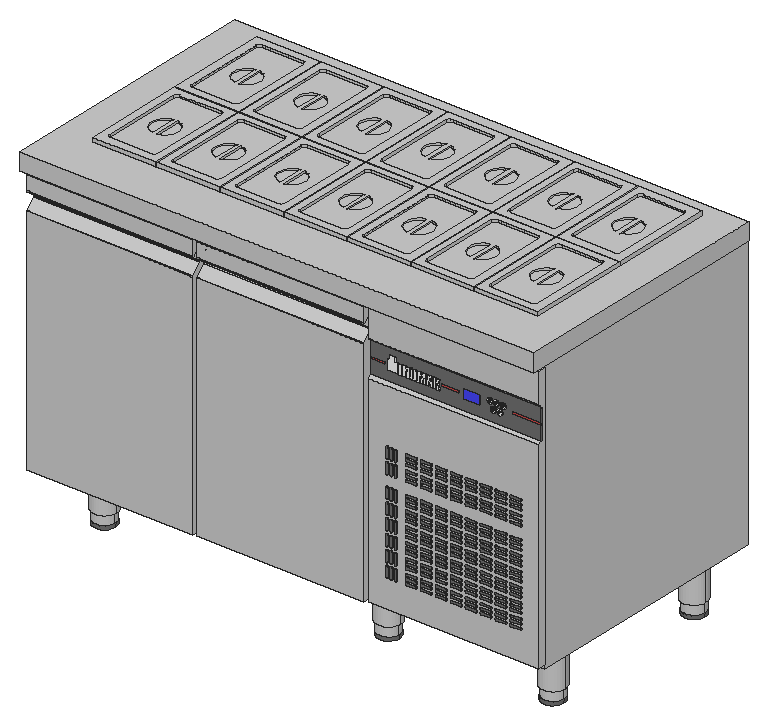
Revit family "QF_INOMAK_ZNFP99_250529112237", category Specialty Equipment, Revit 2021 (continued)
Definition of nested family "QF_INOMAK_REF_WORKTOPS_WOVF_1360_7072"
  Forms (mm)
    Extrusion 22, solid
      sketch origin (-9, 1874.578, 46) x (0, 1, 0) y (-1, 0, 0)
        loop
          arc (-2084.219, -519) -> (-2049.578, -549) -> (-2014.937, -519) r 35
      from 2 to 5
    Extrusion 23, solid
      sketch origin (-9, 1874.578, 46) x (0, 1, 0) y (-1, 0, 0)
        loop
          line (-1914.578, -431) -> (-2182.578, -431) -> (-2182.578, -597) -> (-1914.578, -597) -> (-1914.578, -431)
        loop
          arc (-1934.578, -461) -> (-1937.507, -453.929) -> (-1944.578, -451) r 10
          line (-1944.578, -451) -> (-2152.578, -451)
          arc (-2152.578, -451) -> (-2159.649, -453.929) -> (-2162.578, -461) r 10
          line (-2162.578, -461) -> (-2162.578, -567)
          arc (-2162.578, -567) -> (-2159.649, -574.071) -> (-2152.578, -577) r 10
          line (-2152.578, -577) -> (-1944.578, -577)
          arc (-1944.578, -577) -> (-1937.507, -574.071) -> (-1934.578, -567) r 10
          line (-1934.578, -567) -> (-1934.578, -461)
      from 0 to 10
    Extrusion 24, solid
      sketch origin (0, 1874.578, 46) x (0, 1, 0) y (-1, 0, 0)
        loop
          arc (-2152.578, -608) -> (-2159.649, -610.929) -> (-2162.578, -618) r 10
          line (-2162.578, -618) -> (-2162.578, -724)
          arc (-2162.578, -724) -> (-2159.649, -731.071) -> (-2152.578, -734) r 10
          line (-2152.578, -734) -> (-1944.578, -734)
          arc (-1944.578, -734) -> (-1937.507, -731.071) -> (-1934.578, -724) r 10
          line (-1934.578, -724) -> (-1934.578, -618)
          arc (-1934.578, -618) -> (-1937.507, -610.929) -> (-1944.578, -608) r 10
          line (-1944.578, -608) -> (-2152.578, -608)
        loop
          arc (-2014.937, -666) -> (-2049.578, -636) -> (-2084.219, -666) r 35
          line (-2084.219, -666) -> (-2014.937, -666)
        loop
          line (-2014.937, -676) -> (-2084.219, -676)
          arc (-2084.219, -676) -> (-2049.578, -706) -> (-2014.937, -676) r 35
      from 2 to 5
    Extrusion 25, solid
      sketch origin (0, 1874.578, 46) x (0, 1, 0) y (-1, 0, 0)
        loop
          line (-1914.578, -588) -> (-2182.578, -588) -> (-2182.578, -754) -> (-1914.578, -754) -> (-1914.578, -588)
        loop
          arc (-1934.578, -618) -> (-1937.507, -610.929) -> (-1944.578, -608) r 10
          line (-1944.578, -608) -> (-2152.578, -608)
          arc (-2152.578, -608) -> (-2159.649, -610.929) -> (-2162.578, -618) r 10
          line (-2162.578, -618) -> (-2162.578, -724)
          arc (-2162.578, -724) -> (-2159.649, -731.071) -> (-2152.578, -734) r 10
          line (-2152.578, -734) -> (-1944.578, -734)
          arc (-1944.578, -734) -> (-1937.507, -731.071) -> (-1934.578, -724) r 10
          line (-1934.578, -724) -> (-1934.578, -618)
      from 0 to 10
    Extrusion 26, solid
      sketch origin (-9, 1874.578, 46) x (0, 1, 0) y (-1, 0, 0)
        loop
          arc (-2420.578, -451) -> (-2427.649, -453.929) -> (-2430.578, -461) r 10
          line (-2430.578, -461) -> (-2430.578, -567)
          arc (-2430.578, -567) -> (-2427.649, -574.071) -> (-2420.578, -577) r 10
          line (-2420.578, -577) -> (-2212.578, -577)
          arc (-2212.578, -577) -> (-2205.507, -574.071) -> (-2202.578, -567) r 10
          line (-2202.578, -567) -> (-2202.578, -461)
          arc (-2202.578, -461) -> (-2205.507, -453.929) -> (-2212.578, -451) r 10
          line (-2212.578, -451) -> (-2420.578, -451)
        loop
          arc (-2282.937, -509) -> (-2317.578, -479) -> (-2352.219, -509) r 35
          line (-2352.219, -509) -> (-2282.937, -509)
        loop
          line (-2282.937, -519) -> (-2352.219, -519)
          arc (-2352.219, -519) -> (-2317.578, -549) -> (-2282.937, -519) r 35
      from 2 to 5
    Extrusion 27, solid
      sketch origin (-9, 1874.578, 46) x (0, 1, 0) y (-1, 0, 0)
        loop
          line (-2182.578, -431) -> (-2450.578, -431) -> (-2450.578, -597) -> (-2182.578, -597) -> (-2182.578, -431)
        loop
          arc (-2202.578, -461) -> (-2205.507, -453.929) -> (-2212.578, -451) r 10
          line (-2212.578, -451) -> (-2420.578, -451)
          arc (-2420.578, -451) -> (-2427.649, -453.929) -> (-2430.578, -461) r 10
          line (-2430.578, -461) -> (-2430.578, -567)
          arc (-2430.578, -567) -> (-2427.649, -574.071) -> (-2420.578, -577) r 10
          line (-2420.578, -577) -> (-2212.578, -577)
          arc (-2212.578, -577) -> (-2205.507, -574.071) -> (-2202.578, -567) r 10
          line (-2202.578, -567) -> (-2202.578, -461)
      from 0 to 10
    Extrusion 28, solid
      sketch origin (0, 1874.578, 46) x (0, 1, 0) y (-1, 0, 0)
        loop
          arc (-2420.578, -608) -> (-2427.649, -610.929) -> (-2430.578, -618) r 10
          line (-2430.578, -618) -> (-2430.578, -724)
          arc (-2430.578, -724) -> (-2427.649, -731.071) -> (-2420.578, -734) r 10
          line (-2420.578, -734) -> (-2212.578, -734)
          arc (-2212.578, -734) -> (-2205.507, -731.071) -> (-2202.578, -724) r 10
          line (-2202.578, -724) -> (-2202.578, -618)
          arc (-2202.578, -618) -> (-2205.507, -610.929) -> (-2212.578, -608) r 10
          line (-2212.578, -608) -> (-2420.578, -608)
        loop
          arc (-2282.937, -666) -> (-2317.578, -636) -> (-2352.219, -666) r 35
          line (-2352.219, -666) -> (-2282.937, -666)
        loop
          line (-2282.937, -676) -> (-2352.219, -676)
          arc (-2352.219, -676) -> (-2317.578, -706) -> (-2282.937, -676) r 35
      from 2 to 5
    Extrusion 29, solid
      sketch origin (0, 1874.578, 46) x (0, 1, 0) y (-1, 0, 0)
        loop
          line (-2182.578, -588) -> (-2450.578, -588) -> (-2450.578, -754) -> (-2182.578, -754) -> (-2182.578, -588)
        loop
          arc (-2202.578, -618) -> (-2205.507, -610.929) -> (-2212.578, -608) r 10
          line (-2212.578, -608) -> (-2420.578, -608)
          arc (-2420.578, -608) -> (-2427.649, -610.929) -> (-2430.578, -618) r 10
          line (-2430.578, -618) -> (-2430.578, -724)
          arc (-2430.578, -724) -> (-2427.649, -731.071) -> (-2420.578, -734) r 10
          line (-2420.578, -734) -> (-2212.578, -734)
          arc (-2212.578, -734) -> (-2205.507, -731.071) -> (-2202.578, -724) r 10
          line (-2202.578, -724) -> (-2202.578, -618)
      from 0 to 10
  Lines and regions (mm)
    Masking region 1
      outline origin (0, 0, 46) x (0, 1, 0) y (-1, 0, 0)
        loop
          line (0, 0) -> (-800, 0) -> (-800, -1342) -> (0, -1342) -> (0, 0)
    symbolic lines
      curve 1: line (0, 0, 46) -> (1342, 0, 46)
      curve 2: line (0, -800, 46) -> (0, 0, 46)
      curve 3: line (1342, -800, 46) -> (0, -800, 46)
      curve 4: line (1342, 0, 46) -> (1342, -800, 46)
      curve 5: line (90, -40, 46) -> (1252, -40, 46)
      curve 6: line (90, -576, 46) -> (90, -40, 46)
      curve 7: line (1252, -576, 46) -> (90, -576, 46)
      curve 8: line (1252, -40, 46) -> (1252, -576, 46)
      curve 9: line (256, -576, 46) -> (256, -40, 46)
      curve 10: line (422, -40, 46) -> (422, -576, 46)
      curve 11: line (588, -576, 46) -> (588, -40, 46)
      curve 12: line (754, -40, 46) -> (754, -576, 46)
      curve 13: line (920, -576, 46) -> (920, -40, 46)
      curve 14: line (90, -308, 46) -> (1252, -308, 46)
      curve 15: line (1086, -40, 46) -> (1086, -576, 46)
      curve 16: line (120, -60, 46) -> (226, -60, 46)
      curve 17: arc (226, -60, 46) -> (233.071, -62.929, 46) -> (236, -70, 46) r 10
      curve 18: line (236, -70, 46) -> (236, -278, 46)
      curve 19: arc (236, -278, 46) -> (233.071, -285.071, 46) -> (226, -288, 46) r 10
      curve 20: line (226, -288, 46) -> (120, -288, 46)
      curve 21: arc (120, -288, 46) -> (112.929, -285.071, 46) -> (110, -278, 46) r 10
      curve 22: line (110, -278, 46) -> (110, -70, 46)
      curve 23: arc (110, -70, 46) -> (112.929, -62.929, 46) -> (120, -60, 46) r 10
      curve 24: arc (168, -209.641, 46) -> (138, -175, 46) -> (168, -140.359, 46) r 35
      curve 25: line (168, -140.359, 46) -> (168, -209.641, 46)
      curve 26: line (178, -209.641, 46) -> (178, -140.359, 46)
      curve 27: arc (178, -140.359, 46) -> (208, -175, 46) -> (178, -209.641, 46) r 35
      curve 28: line (286, -60, 46) -> (392, -60, 46)
      curve 29: arc (392, -60, 46) -> (399.071, -62.929, 46) -> (402, -70, 46) r 10
      curve 30: line (402, -70, 46) -> (402, -278, 46)
      curve 31: arc (402, -278, 46) -> (399.071, -285.071, 46) -> (392, -288, 46) r 10
      curve 32: line (392, -288, 46) -> (286, -288, 46)
      curve 33: arc (286, -288, 46) -> (278.929, -285.071, 46) -> (276, -278, 46) r 10
      curve 34: line (276, -278, 46) -> (276, -70, 46)
      curve 35: arc (276, -70, 46) -> (278.929, -62.929, 46) -> (286, -60, 46) r 10
      curve 36: arc (334, -209.641, 46) -> (304, -175, 46) -> (334, -140.359, 46) r 35
      curve 37: line (334, -140.359, 46) -> (334, -209.641, 46)
      curve 38: line (344, -209.641, 46) -> (344, -140.359, 46)
      curve 39: arc (344, -140.359, 46) -> (374, -175, 46) -> (344, -209.641, 46) r 35
      curve 40: line (452, -60, 46) -> (558, -60, 46)
      curve 41: arc (558, -60, 46) -> (565.071, -62.929, 46) -> (568, -70, 46) r 10
      curve 42: line (568, -70, 46) -> (568, -278, 46)
      curve 43: arc (568, -278, 46) -> (565.071, -285.071, 46) -> (558, -288, 46) r 10
      curve 44: line (558, -288, 46) -> (452, -288, 46)
      curve 45: arc (452, -288, 46) -> (444.929, -285.071, 46) -> (442, -278, 46) r 10
      curve 46: line (442, -278, 46) -> (442, -70, 46)
      curve 47: arc (442, -70, 46) -> (444.929, -62.929, 46) -> (452, -60, 46) r 10
      curve 48: arc (500, -209.641, 46) -> (470, -175, 46) -> (500, -140.359, 46) r 35
      curve 49: line (500, -140.359, 46) -> (500, -209.641, 46)
      curve 50: line (510, -209.641, 46) -> (510, -140.359, 46)
      curve 51: arc (510, -140.359, 46) -> (540, -175, 46) -> (510, -209.641, 46) r 35
      curve 52: line (618, -60, 46) -> (724, -60, 46)
      curve 53: arc (724, -60, 46) -> (731.071, -62.929, 46) -> (734, -70, 46) r 10
      curve 54: line (734, -70, 46) -> (734, -278, 46)
      curve 55: arc (734, -278, 46) -> (731.071, -285.071, 46) -> (724, -288, 46) r 10
      curve 56: line (724, -288, 46) -> (618, -288, 46)
      curve 57: arc (618, -288, 46) -> (610.929, -285.071, 46) -> (608, -278, 46) r 10
      curve 58: line (608, -278, 46) -> (608, -70, 46)
      curve 59: arc (608, -70, 46) -> (610.929, -62.929, 46) -> (618, -60, 46) r 10
      curve 60: arc (666, -209.641, 46) -> (636, -175, 46) -> (666, -140.359, 46) r 35
      curve 61: line (666, -140.359, 46) -> (666, -209.641, 46)
      curve 62: line (676, -209.641, 46) -> (676, -140.359, 46)
      curve 63: arc (676, -140.359, 46) -> (706, -175, 46) -> (676, -209.641, 46) r 35
      curve 64: line (784, -60, 46) -> (890, -60, 46)
      curve 65: arc (890, -60, 46) -> (897.071, -62.929, 46) -> (900, -70, 46) r 10
      curve 66: line (900, -70, 46) -> (900, -278, 46)
      curve 67: arc (900, -278, 46) -> (897.071, -285.071, 46) -> (890, -288, 46) r 10
      curve 68: line (890, -288, 46) -> (784, -288, 46)
      curve 69: arc (784, -288, 46) -> (776.929, -285.071, 46) -> (774, -278, 46) r 10
      curve 70: line (774, -278, 46) -> (774, -70, 46)
      curve 71: arc (774, -70, 46) -> (776.929, -62.929, 46) -> (784, -60, 46) r 10
      curve 72: arc (832, -209.641, 46) -> (802, -175, 46) -> (832, -140.359, 46) r 35
      curve 73: line (832, -140.359, 46) -> (832, -209.641, 46)
      curve 74: line (842, -209.641, 46) -> (842, -140.359, 46)
      curve 75: arc (842, -140.359, 46) -> (872, -175, 46) -> (842, -209.641, 46) r 35
      curve 76: line (950, -60, 46) -> (1056, -60, 46)
      curve 77: arc (1056, -60, 46) -> (1063.071, -62.929, 46) -> (1066, -70, 46) r 10
      curve 78: line (1066, -70, 46) -> (1066, -278, 46)
      curve 79: arc (1066, -278, 46) -> (1063.071, -285.071, 46) -> (1056, -288, 46) r 10
      curve 80: line (1056, -288, 46) -> (950, -288, 46)
      curve 81: arc (950, -288, 46) -> (942.929, -285.071, 46) -> (940, -278, 46) r 10
      curve 82: line (940, -278, 46) -> (940, -70, 46)
      curve 83: arc (940, -70, 46) -> (942.929, -62.929, 46) -> (950, -60, 46) r 10
      curve 84: arc (998, -209.641, 46) -> (968, -175, 46) -> (998, -140.359, 46) r 35
      curve 85: line (998, -140.359, 46) -> (998, -209.641, 46)
      curve 86: line (1008, -209.641, 46) -> (1008, -140.359, 46)
      curve 87: arc (1008, -140.359, 46) -> (1038, -175, 46) -> (1008, -209.641, 46) r 35
      curve 88: line (1116, -60, 46) -> (1222, -60, 46)
      curve 89: arc (1222, -60, 46) -> (1229.071, -62.929, 46) -> (1232, -70, 46) r 10
      curve 90: line (1232, -70, 46) -> (1232, -278, 46)
      curve 91: arc (1232, -278, 46) -> (1229.071, -285.071, 46) -> (1222, -288, 46) r 10
      curve 92: line (1222, -288, 46) -> (1116, -288, 46)
      curve 93: arc (1116, -288, 46) -> (1108.929, -285.071, 46) -> (1106, -278, 46) r 10
      curve 94: line (1106, -278, 46) -> (1106, -70, 46)
      curve 95: arc (1106, -70, 46) -> (1108.929, -62.929, 46) -> (1116, -60, 46) r 10
      curve 96: arc (1164, -209.641, 46) -> (1134, -175, 46) -> (1164, -140.359, 46) r 35
      curve 97: line (1164, -140.359, 46) -> (1164, -209.641, 46)
      curve 98: line (1174, -209.641, 46) -> (1174, -140.359, 46)
      curve 99: arc (1174, -140.359, 46) -> (1204, -175, 46) -> (1174, -209.641, 46) r 35
      curve 100: line (1116, -328, 46) -> (1222, -328, 46)
      curve 101: arc (1222, -328, 46) -> (1229.071, -330.929, 46) -> (1232, -338, 46) r 10
      curve 102: line (1232, -338, 46) -> (1232, -546, 46)
      curve 103: arc (1232, -546, 46) -> (1229.071, -553.071, 46) -> (1222, -556, 46) r 10
      curve 104: line (1222, -556, 46) -> (1116, -556, 46)
      curve 105: arc (1116, -556, 46) -> (1108.929, -553.071, 46) -> (1106, -546, 46) r 10
      curve 106: line (1106, -546, 46) -> (1106, -338, 46)
      curve 107: arc (1106, -338, 46) -> (1108.929, -330.929, 46) -> (1116, -328, 46) r 10
      curve 108: arc (1164, -477.641, 46) -> (1134, -443, 46) -> (1164, -408.359, 46) r 35
      curve 109: line (1164, -408.359, 46) -> (1164, -477.641, 46)
      curve 110: line (1174, -477.641, 46) -> (1174, -408.359, 46)
      curve 111: arc (1174, -408.359, 46) -> (1204, -443, 46) -> (1174, -477.641, 46) r 35
      curve 112: line (950, -328, 46) -> (1056, -328, 46)
      curve 113: arc (1056, -328, 46) -> (1063.071, -330.929, 46) -> (1066, -338, 46) r 10
      curve 114: line (1066, -338, 46) -> (1066, -546, 46)
      curve 115: arc (1066, -546, 46) -> (1063.071, -553.071, 46) -> (1056, -556, 46) r 10
      curve 116: line (1056, -556, 46) -> (950, -556, 46)
      curve 117: arc (950, -556, 46) -> (942.929, -553.071, 46) -> (940, -546, 46) r 10
      curve 118: line (940, -546, 46) -> (940, -338, 46)
      curve 119: arc (940, -338, 46) -> (942.929, -330.929, 46) -> (950, -328, 46) r 10
      curve 120: arc (998, -477.641, 46) -> (968, -443, 46) -> (998, -408.359, 46) r 35
      curve 121: line (998, -408.359, 46) -> (998, -477.641, 46)
      curve 122: line (1008, -477.641, 46) -> (1008, -408.359, 46)
      curve 123: arc (1008, -408.359, 46) -> (1038, -443, 46) -> (1008, -477.641, 46) r 35
      curve 124: line (784, -328, 46) -> (890, -328, 46)
      curve 125: arc (890, -328, 46) -> (897.071, -330.929, 46) -> (900, -338, 46) r 10
      curve 126: line (900, -338, 46) -> (900, -546, 46)
      curve 127: arc (900, -546, 46) -> (897.071, -553.071, 46) -> (890, -556, 46) r 10
      curve 128: line (890, -556, 46) -> (784, -556, 46)
      curve 129: arc (784, -556, 46) -> (776.929, -553.071, 46) -> (774, -546, 46) r 10
      curve 130: line (774, -546, 46) -> (774, -338, 46)
      curve 131: arc (774, -338, 46) -> (776.929, -330.929, 46) -> (784, -328, 46) r 10
      curve 132: arc (832, -477.641, 46) -> (802, -443, 46) -> (832, -408.359, 46) r 35
      curve 133: line (832, -408.359, 46) -> (832, -477.641, 46)
      curve 134: line (842, -477.641, 46) -> (842, -408.359, 46)
      curve 135: arc (842, -408.359, 46) -> (872, -443, 46) -> (842, -477.641, 46) r 35
      curve 136: line (618, -328, 46) -> (724, -328, 46)
      curve 137: arc (724, -328, 46) -> (731.071, -330.929, 46) -> (734, -338, 46) r 10
      curve 138: line (734, -338, 46) -> (734, -546, 46)
      curve 139: arc (734, -546, 46) -> (731.071, -553.071, 46) -> (724, -556, 46) r 10
      curve 140: line (724, -556, 46) -> (618, -556, 46)
      curve 141: arc (618, -556, 46) -> (610.929, -553.071, 46) -> (608, -546, 46) r 10
      curve 142: line (608, -546, 46) -> (608, -338, 46)
      curve 143: arc (608, -338, 46) -> (610.929, -330.929, 46) -> (618, -328, 46) r 10
      curve 144: arc (666, -477.641, 46) -> (636, -443, 46) -> (666, -408.359, 46) r 35
      curve 145: line (666, -408.359, 46) -> (666, -477.641, 46)
      curve 146: line (676, -477.641, 46) -> (676, -408.359, 46)
      curve 147: arc (676, -408.359, 46) -> (706, -443, 46) -> (676, -477.641, 46) r 35
      curve 148: line (452, -328, 46) -> (558, -328, 46)
      curve 149: arc (558, -328, 46) -> (565.071, -330.929, 46) -> (568, -338, 46) r 10
      curve 150: line (568, -338, 46) -> (568, -546, 46)
      curve 151: arc (568, -546, 46) -> (565.071, -553.071, 46) -> (558, -556, 46) r 10
      curve 152: line (558, -556, 46) -> (452, -556, 46)
      curve 153: arc (452, -556, 46) -> (444.929, -553.071, 46) -> (442, -546, 46) r 10
      curve 154: line (442, -546, 46) -> (442, -338, 46)
      curve 155: arc (442, -338, 46) -> (444.929, -330.929, 46) -> (452, -328, 46) r 10
      curve 156: arc (500, -477.641, 46) -> (470, -443, 46) -> (500, -408.359, 46) r 35
      curve 157: line (500, -408.359, 46) -> (500, -477.641, 46)
      curve 158: line (510, -477.641, 46) -> (510, -408.359, 46)
      curve 159: arc (510, -408.359, 46) -> (540, -443, 46) -> (510, -477.641, 46) r 35
      curve 160: line (286, -328, 46) -> (392, -328, 46)
      curve 161: arc (392, -328, 46) -> (399.071, -330.929, 46) -> (402, -338, 46) r 10
      curve 162: line (402, -338, 46) -> (402, -546, 46)
      curve 163: arc (402, -546, 46) -> (399.071, -553.071, 46) -> (392, -556, 46) r 10
      curve 164: line (392, -556, 46) -> (286, -556, 46)
      curve 165: arc (286, -556, 46) -> (278.929, -553.071, 46) -> (276, -546, 46) r 10
      curve 166: line (276, -546, 46) -> (276, -338, 46)
      curve 167: arc (276, -338, 46) -> (278.929, -330.929, 46) -> (286, -328, 46) r 10
      curve 168: arc (334, -477.641, 46) -> (304, -443, 46) -> (334, -408.359, 46) r 35
      curve 169: line (334, -408.359, 46) -> (334, -477.641, 46)
      curve 170: line (344, -477.641, 46) -> (344, -408.359, 46)
      curve 171: arc (344, -408.359, 46) -> (374, -443, 46) -> (344, -477.641, 46) r 35
      curve 172: line (120, -328, 46) -> (226, -328, 46)
      curve 173: arc (226, -328, 46) -> (233.071, -330.929, 46) -> (236, -338, 46) r 10
      curve 174: line (236, -338, 46) -> (236, -546, 46)
      curve 175: arc (236, -546, 46) -> (233.071, -553.071, 46) -> (226, -556, 46) r 10
      curve 176: line (226, -556, 46) -> (120, -556, 46)
      curve 177: arc (120, -556, 46) -> (112.929, -553.071, 46) -> (110, -546, 46) r 10
      curve 178: line (110, -546, 46) -> (110, -338, 46)
      curve 179: arc (110, -338, 46) -> (112.929, -330.929, 46) -> (120, -328, 46) r 10
      curve 180: arc (168, -477.641, 46) -> (138, -443, 46) -> (168, -408.359, 46) r 35
      curve 181: line (168, -408.359, 46) -> (168, -477.641, 46)
      curve 182: line (178, -477.641, 46) -> (178, -408.359, 46)
      curve 183: arc (178, -408.359, 46) -> (208, -443, 46) -> (178, -477.641, 46) r 35
  Dimensions and locks
    plane 3 "Left" to plane 4 "Right" = 1342 mm
    "Depth Actual": plane 5 "Front" to plane 1 "Back"
    "Worktop thickness": plane 6 "Top" to plane 7 "Worktop bottom"
    "Height AFF": plane 7 "Worktop bottom" to plane 2
    locked: plane 8 to plane 1 "Back" at 576
    aligned and locked: level to plane 2
    aligned and locked: Extrusion 1 sketch curve to plane 6 "Top"
    aligned and locked: plane 5 "Front" to Extrusion 1 sketch curve
    aligned and locked: Extrusion 1 sketch curve to plane 7 "Worktop bottom"
  Automatic sketch dimensions
    Extrusion 2 sketch curve to Extrusion 2 sketch curve = 0 mm  (x3)
    plane 1 "Back" to Extrusion 2 sketch curve = 288 mm
    Extrusion 2 sketch curve to Extrusion 2 sketch curve = 10 mm  (x4)
    Extrusion 2 sketch curve to Extrusion 2 sketch curve = 68.359 mm
    Extrusion 2 sketch curve to Extrusion 2 sketch curve = 34.641 mm
    plane 1 "Back" to Extrusion 2 sketch curve = 70 mm  (x2)
    plane 3 "Left" to Extrusion 2 sketch curve = 236 mm
    Extrusion 2 sketch curve to Extrusion 2 sketch curve = 48 mm  (x2)
    Extrusion 2 sketch curve to Extrusion 2 sketch curve = 5 mm
    plane 1 "Back" to Extrusion 3 sketch curve = 308 mm
    Extrusion 3 sketch curve to Extrusion 3 sketch curve = 20 mm  (x3)
    Extrusion 3 sketch curve to Extrusion 3 sketch curve = 10 mm  (x3)
    plane 1 "Back" to Extrusion 3 sketch curve = 70 mm  (x2)
    plane 3 "Left" to Extrusion 3 sketch curve = 256 mm
    Extrusion 3 sketch curve to Extrusion 3 sketch curve = 106 mm
    Extrusion 3 sketch curve to Extrusion 3 sketch curve = 30 mm
    Extrusion 4 sketch curve to Extrusion 4 sketch curve = 0 mm  (x3)
    plane 1 "Back" to Extrusion 4 sketch curve = 288 mm
    Extrusion 4 sketch curve to Extrusion 4 sketch curve = 10 mm  (x4)
    Extrusion 4 sketch curve to Extrusion 4 sketch curve = 68.359 mm
    Extrusion 4 sketch curve to Extrusion 4 sketch curve = 34.641 mm
    plane 1 "Back" to Extrusion 4 sketch curve = 70 mm  (x2)
    plane 3 "Left" to Extrusion 4 sketch curve = 402 mm
    Extrusion 4 sketch curve to Extrusion 4 sketch curve = 48 mm  (x2)
    Extrusion 4 sketch curve to Extrusion 4 sketch curve = 5 mm
    plane 1 "Back" to Extrusion 5 sketch curve = 308 mm
    Extrusion 5 sketch curve to Extrusion 5 sketch curve = 20 mm  (x4)
    Extrusion 5 sketch curve to Extrusion 5 sketch curve = 10 mm  (x3)
    plane 1 "Back" to Extrusion 5 sketch curve = 70 mm  (x2)
    plane 3 "Left" to Extrusion 5 sketch curve = 422 mm
    Extrusion 5 sketch curve to Extrusion 5 sketch curve = 106 mm
    Extrusion 6 sketch curve to Extrusion 6 sketch curve = 0 mm  (x3)
    plane 1 "Back" to Extrusion 6 sketch curve = 288 mm
    Extrusion 6 sketch curve to Extrusion 6 sketch curve = 10 mm  (x4)
    Extrusion 6 sketch curve to Extrusion 6 sketch curve = 68.359 mm
    Extrusion 6 sketch curve to Extrusion 6 sketch curve = 34.641 mm
    plane 1 "Back" to Extrusion 6 sketch curve = 70 mm  (x2)
    plane 4 "Right" to Extrusion 6 sketch curve = 442 mm
    Extrusion 6 sketch curve to Extrusion 6 sketch curve = 48 mm  (x2)
    Extrusion 6 sketch curve to Extrusion 6 sketch curve = 5 mm
    plane 1 "Back" to Extrusion 7 sketch curve = 308 mm
    Extrusion 7 sketch curve to Extrusion 7 sketch curve = 20 mm  (x4)
    Extrusion 7 sketch curve to Extrusion 7 sketch curve = 10 mm  (x3)
    plane 1 "Back" to Extrusion 7 sketch curve = 70 mm  (x2)
    plane 4 "Right" to Extrusion 7 sketch curve = 422 mm
    Extrusion 7 sketch curve to Extrusion 7 sketch curve = 106 mm
    Extrusion 8 sketch curve to Extrusion 8 sketch curve = 0 mm  (x3)
    plane 1 "Back" to Extrusion 8 sketch curve = 288 mm
    Extrusion 8 sketch curve to Extrusion 8 sketch curve = 10 mm  (x4)
    Extrusion 8 sketch curve to Extrusion 8 sketch curve = 68.359 mm
    Extrusion 8 sketch curve to Extrusion 8 sketch curve = 34.641 mm
    plane 1 "Back" to Extrusion 8 sketch curve = 70 mm  (x2)
    plane 4 "Right" to Extrusion 8 sketch curve = 276 mm
    Extrusion 8 sketch curve to Extrusion 8 sketch curve = 48 mm  (x2)
    Extrusion 8 sketch curve to Extrusion 8 sketch curve = 5 mm
    plane 1 "Back" to Extrusion 9 sketch curve = 308 mm
    Extrusion 9 sketch curve to Extrusion 9 sketch curve = 20 mm  (x3)
    Extrusion 9 sketch curve to Extrusion 9 sketch curve = 10 mm  (x3)
    plane 1 "Back" to Extrusion 9 sketch curve = 70 mm  (x2)
    Extrusion 9 sketch curve to Extrusion 9 sketch curve = 30 mm
    plane 4 "Right" to Extrusion 9 sketch curve = 256 mm
    Extrusion 9 sketch curve to Extrusion 9 sketch curve = 106 mm
    Extrusion 10 sketch curve to Extrusion 10 sketch curve = 0 mm  (x3)
    plane 1 "Back" to Extrusion 10 sketch curve = 288 mm
    Extrusion 10 sketch curve to Extrusion 10 sketch curve = 10 mm  (x4)
    Extrusion 10 sketch curve to Extrusion 10 sketch curve = 68.359 mm
    Extrusion 10 sketch curve to Extrusion 10 sketch curve = 34.641 mm
    plane 1 "Back" to Extrusion 10 sketch curve = 70 mm  (x2)
    plane 4 "Right" to Extrusion 10 sketch curve = 110 mm
    Extrusion 10 sketch curve to Extrusion 10 sketch curve = 48 mm  (x2)
    Extrusion 10 sketch curve to Extrusion 10 sketch curve = 5 mm
    plane 4 "Right" to Extrusion 11 sketch curve = 90 mm
    plane 1 "Back" to Extrusion 11 sketch curve = 308 mm
    Extrusion 11 sketch curve to Extrusion 11 sketch curve = 20 mm  (x3)
    Extrusion 11 sketch curve to Extrusion 11 sketch curve = 10 mm  (x3)
    plane 1 "Back" to Extrusion 11 sketch curve = 70 mm  (x2)
    Extrusion 11 sketch curve to Extrusion 11 sketch curve = 106 mm
    Extrusion 11 sketch curve to Extrusion 11 sketch curve = 30 mm
    Extrusion 12 sketch curve to Extrusion 12 sketch curve = 0 mm  (x5)
    Extrusion 12 sketch curve to Extrusion 12 sketch curve = 10 mm  (x4)
    Extrusion 12 sketch curve to Extrusion 12 sketch curve = 68.359 mm
    Extrusion 12 sketch curve to Extrusion 12 sketch curve = 34.641 mm
    Extrusion 12 sketch curve to Extrusion 12 sketch curve = 70.359 mm  (x2)
    plane 3 "Left" to Extrusion 12 sketch curve = 236 mm
    Extrusion 12 sketch curve to Extrusion 12 sketch curve = 5 mm
    Extrusion 12 sketch curve to Extrusion 12 sketch curve = 48 mm  (x2)
    Extrusion 13 sketch curve to Extrusion 13 sketch curve = 20 mm  (x2)
    Extrusion 13 sketch curve to Extrusion 13 sketch curve = 10 mm  (x3)
    Extrusion 13 sketch curve to Extrusion 13 sketch curve = 208 mm
    Extrusion 13 sketch curve to Extrusion 13 sketch curve = 0 mm
    Extrusion 13 sketch curve to Extrusion 13 sketch curve = 30 mm  (x2)
    plane 3 "Left" to Extrusion 13 sketch curve = 256 mm
    Extrusion 13 sketch curve to Extrusion 13 sketch curve = 106 mm
    Extrusion 14 sketch curve to Extrusion 14 sketch curve = 0 mm  (x5)
    Extrusion 14 sketch curve to Extrusion 14 sketch curve = 10 mm  (x4)
    Extrusion 14 sketch curve to Extrusion 14 sketch curve = 68.359 mm
    Extrusion 14 sketch curve to Extrusion 14 sketch curve = 34.641 mm
    Extrusion 14 sketch curve to Extrusion 14 sketch curve = 70.359 mm  (x2)
    plane 3 "Left" to Extrusion 14 sketch curve = 402 mm
    Extrusion 14 sketch curve to Extrusion 14 sketch curve = 5 mm
    Extrusion 14 sketch curve to Extrusion 14 sketch curve = 48 mm  (x2)
    Extrusion 15 sketch curve to Extrusion 15 sketch curve = 20 mm  (x3)
    Extrusion 15 sketch curve to Extrusion 15 sketch curve = 10 mm  (x3)
    Extrusion 15 sketch curve to Extrusion 15 sketch curve = 208 mm
    Extrusion 15 sketch curve to Extrusion 15 sketch curve = 0 mm
    plane 3 "Left" to Extrusion 15 sketch curve = 422 mm
    Extrusion 15 sketch curve to Extrusion 15 sketch curve = 106 mm
    Extrusion 15 sketch curve to Extrusion 15 sketch curve = 30 mm
    Extrusion 16 sketch curve to Extrusion 16 sketch curve = 0 mm  (x5)
    Extrusion 16 sketch curve to Extrusion 16 sketch curve = 10 mm  (x4)
    Extrusion 16 sketch curve to Extrusion 16 sketch curve = 68.359 mm
    Extrusion 16 sketch curve to Extrusion 16 sketch curve = 34.641 mm
    Extrusion 16 sketch curve to Extrusion 16 sketch curve = 70.359 mm  (x2)
    plane 4 "Right" to Extrusion 16 sketch curve = 442 mm
    Extrusion 16 sketch curve to Extrusion 16 sketch curve = 5 mm
    Extrusion 16 sketch curve to Extrusion 16 sketch curve = 48 mm  (x2)
    Extrusion 17 sketch curve to Extrusion 17 sketch curve = 20 mm  (x3)
    Extrusion 17 sketch curve to Extrusion 17 sketch curve = 10 mm  (x3)
    Extrusion 17 sketch curve to Extrusion 17 sketch curve = 208 mm
    Extrusion 17 sketch curve to Extrusion 17 sketch curve = 0 mm
    plane 4 "Right" to Extrusion 17 sketch curve = 422 mm
    Extrusion 17 sketch curve to Extrusion 17 sketch curve = 106 mm
    Extrusion 18 sketch curve to Extrusion 18 sketch curve = 0 mm  (x5)
    Extrusion 18 sketch curve to Extrusion 18 sketch curve = 10 mm  (x4)
    Extrusion 18 sketch curve to Extrusion 18 sketch curve = 68.359 mm
    Extrusion 18 sketch curve to Extrusion 18 sketch curve = 34.641 mm
    Extrusion 18 sketch curve to Extrusion 18 sketch curve = 70.359 mm  (x2)
    plane 4 "Right" to Extrusion 18 sketch curve = 276 mm
    Extrusion 18 sketch curve to Extrusion 18 sketch curve = 5 mm
    Extrusion 18 sketch curve to Extrusion 18 sketch curve = 48 mm  (x2)
    Extrusion 19 sketch curve to Extrusion 19 sketch curve = 20 mm  (x2)
    Extrusion 19 sketch curve to Extrusion 19 sketch curve = 10 mm  (x3)
    Extrusion 19 sketch curve to Extrusion 19 sketch curve = 208 mm
    Extrusion 19 sketch curve to Extrusion 19 sketch curve = 0 mm
    Extrusion 19 sketch curve to Extrusion 19 sketch curve = 30 mm  (x2)
    plane 4 "Right" to Extrusion 19 sketch curve = 256 mm
    Extrusion 19 sketch curve to Extrusion 19 sketch curve = 106 mm
    Extrusion 20 sketch curve to Extrusion 20 sketch curve = 0 mm  (x5)
    Extrusion 20 sketch curve to Extrusion 20 sketch curve = 10 mm  (x4)
    Extrusion 20 sketch curve to Extrusion 20 sketch curve = 68.359 mm
    Extrusion 20 sketch curve to Extrusion 20 sketch curve = 34.641 mm
    Extrusion 20 sketch curve to Extrusion 20 sketch curve = 70.359 mm  (x2)
    plane 4 "Right" to Extrusion 20 sketch curve = 110 mm
    Extrusion 20 sketch curve to Extrusion 20 sketch curve = 5 mm
    Extrusion 20 sketch curve to Extrusion 20 sketch curve = 48 mm  (x2)
    Extrusion 21 sketch curve to Extrusion 21 sketch curve = 20 mm  (x4)
    Extrusion 21 sketch curve to Extrusion 21 sketch curve = 10 mm  (x3)
    Extrusion 21 sketch curve to Extrusion 21 sketch curve = 208 mm
    Extrusion 21 sketch curve to Extrusion 21 sketch curve = 0 mm
    plane 4 "Right" to Extrusion 21 sketch curve = 90 mm
    Extrusion 21 sketch curve to Extrusion 21 sketch curve = 106 mm
    Extrusion 22 sketch curve to Extrusion 22 sketch curve = 0 mm  (x3)
    plane 1 "Back" to Extrusion 22 sketch curve = 288 mm
    Extrusion 22 sketch curve to Extrusion 22 sketch curve = 10 mm  (x4)
    Extrusion 22 sketch curve to Extrusion 22 sketch curve = 68.359 mm
    Extrusion 22 sketch curve to Extrusion 22 sketch curve = 34.641 mm
    plane 1 "Back" to Extrusion 22 sketch curve = 70 mm  (x2)
    plane 3 "Left" to Extrusion 22 sketch curve = 568 mm
    Extrusion 22 sketch curve to Extrusion 22 sketch curve = 48 mm  (x2)
    Extrusion 22 sketch curve to Extrusion 22 sketch curve = 5 mm
    plane 1 "Back" to Extrusion 23 sketch curve = 308 mm
    Extrusion 23 sketch curve to Extrusion 23 sketch curve = 20 mm  (x3)
    Extrusion 23 sketch curve to Extrusion 23 sketch curve = 10 mm  (x3)
    plane 1 "Back" to Extrusion 23 sketch curve = 70 mm  (x2)
    plane 3 "Left" to Extrusion 23 sketch curve = 588 mm
    Extrusion 23 sketch curve to Extrusion 23 sketch curve = 106 mm
    Extrusion 23 sketch curve to Extrusion 23 sketch curve = 30 mm
    Extrusion 24 sketch curve to Extrusion 24 sketch curve = 0 mm  (x3)
    plane 1 "Back" to Extrusion 24 sketch curve = 288 mm
    Extrusion 24 sketch curve to Extrusion 24 sketch curve = 10 mm  (x4)
    Extrusion 24 sketch curve to Extrusion 24 sketch curve = 68.359 mm
    Extrusion 24 sketch curve to Extrusion 24 sketch curve = 34.641 mm
    plane 1 "Back" to Extrusion 24 sketch curve = 70 mm  (x2)
    plane 4 "Right" to Extrusion 24 sketch curve = 608 mm
    Extrusion 24 sketch curve to Extrusion 24 sketch curve = 48 mm  (x2)
    Extrusion 24 sketch curve to Extrusion 24 sketch curve = 5 mm
    plane 1 "Back" to Extrusion 25 sketch curve = 308 mm
    Extrusion 25 sketch curve to Extrusion 25 sketch curve = 20 mm  (x3)
    Extrusion 25 sketch curve to Extrusion 25 sketch curve = 10 mm  (x3)
    plane 1 "Back" to Extrusion 25 sketch curve = 70 mm  (x2)
    plane 4 "Right" to Extrusion 25 sketch curve = 588 mm
    Extrusion 25 sketch curve to Extrusion 25 sketch curve = 106 mm
    Extrusion 25 sketch curve to Extrusion 25 sketch curve = 30 mm
    Extrusion 26 sketch curve to Extrusion 26 sketch curve = 0 mm  (x5)
    Extrusion 26 sketch curve to Extrusion 26 sketch curve = 10 mm  (x4)
    Extrusion 26 sketch curve to Extrusion 26 sketch curve = 68.359 mm
    Extrusion 26 sketch curve to Extrusion 26 sketch curve = 34.641 mm
    Extrusion 26 sketch curve to Extrusion 26 sketch curve = 70.359 mm  (x2)
    plane 3 "Left" to Extrusion 26 sketch curve = 568 mm
    Extrusion 26 sketch curve to Extrusion 26 sketch curve = 5 mm
    Extrusion 26 sketch curve to Extrusion 26 sketch curve = 48 mm  (x2)
    Extrusion 27 sketch curve to Extrusion 27 sketch curve = 20 mm  (x2)
    Extrusion 27 sketch curve to Extrusion 27 sketch curve = 10 mm  (x3)
    Extrusion 27 sketch curve to Extrusion 27 sketch curve = 208 mm
    Extrusion 27 sketch curve to Extrusion 27 sketch curve = 0 mm
    Extrusion 27 sketch curve to Extrusion 27 sketch curve = 30 mm  (x2)
    plane 3 "Left" to Extrusion 27 sketch curve = 588 mm
    Extrusion 27 sketch curve to Extrusion 27 sketch curve = 106 mm
    Extrusion 28 sketch curve to Extrusion 28 sketch curve = 0 mm  (x5)
    Extrusion 28 sketch curve to Extrusion 28 sketch curve = 10 mm  (x4)
    Extrusion 28 sketch curve to Extrusion 28 sketch curve = 68.359 mm
    Extrusion 28 sketch curve to Extrusion 28 sketch curve = 34.641 mm
    Extrusion 28 sketch curve to Extrusion 28 sketch curve = 70.359 mm  (x2)
    plane 4 "Right" to Extrusion 28 sketch curve = 608 mm
    Extrusion 28 sketch curve to Extrusion 28 sketch curve = 5 mm
    Extrusion 28 sketch curve to Extrusion 28 sketch curve = 48 mm  (x2)
    Extrusion 29 sketch curve to Extrusion 29 sketch curve = 20 mm  (x3)
    Extrusion 29 sketch curve to Extrusion 29 sketch curve = 10 mm  (x3)
    Extrusion 29 sketch curve to Extrusion 29 sketch curve = 208 mm
    Extrusion 29 sketch curve to Extrusion 29 sketch curve = 0 mm
    plane 4 "Right" to Extrusion 29 sketch curve = 588 mm
    Extrusion 29 sketch curve to Extrusion 29 sketch curve = 106 mm
    Masking region 1 sketch curve to plane 3 "Left" = 0 mm
    Masking region 1 sketch curve to plane 5 "Front" = 0 mm
    plane 1 "Back" to Masking region 1 sketch curve = 0 mm
    Masking region 1 sketch curve to plane 4 "Right" = 0 mm
    Extrusion 1 sketch curve to plane 1 "Back" = 0 mm
    curve 24 to curve 27 = 0 mm  (x2)
    curve 36 to curve 39 = 0 mm  (x2)
    curve 48 to curve 51 = 0 mm  (x2)
    curve 60 to curve 63 = 0 mm  (x2)
    curve 72 to curve 75 = 0 mm  (x2)
    curve 84 to curve 87 = 0 mm  (x2)
    curve 96 to curve 99 = 0 mm  (x2)
    curve 108 to curve 111 = 0 mm  (x2)
    curve 120 to curve 123 = 0 mm  (x3)
    curve 132 to curve 135 = 0 mm  (x3)
    curve 144 to curve 147 = 0 mm  (x3)
    curve 156 to curve 159 = 0 mm  (x3)
    curve 168 to curve 171 = 0 mm  (x3)
    curve 180 to curve 183 = 0 mm  (x3)
    curve 3 to plane 3 "Left" = 0 mm
    curve 3 to plane 5 "Front" = 0 mm
    plane 1 "Back" to curve 2 = 0 mm
    curve 1 to plane 4 "Right" = 0 mm
    curve 9 to curve 164 = 20 mm
    curve 11 to curve 152 = 20 mm
    curve 13 to curve 116 = 20 mm
    curve 12 to curve 140 = 20 mm
    curve 12 to curve 128 = 20 mm
    curve 6 to curve 176 = 20 mm
    curve 7 to curve 104 = 20 mm
    curve 105 to curve 105 = 10 mm
    curve 151 to curve 150 = 10 mm
    curve 175 to curve 175 = 10 mm
    curve 103 to curve 103 = 10 mm
    curve 127 to curve 126 = 10 mm
    curve 177 to curve 177 = 10 mm
    curve 163 to curve 162 = 10 mm
    curve 115 to curve 114 = 10 mm
    curve 129 to curve 129 = 10 mm
    curve 117 to curve 117 = 10 mm
    curve 139 to curve 138 = 10 mm
    curve 153 to curve 153 = 10 mm
    curve 141 to curve 142 = 10 mm
    curve 165 to curve 166 = 10 mm
    curve 127 to curve 134 = 68.359 mm
    curve 133 to curve 134 = 0 mm
    curve 165 to curve 169 = 68.359 mm
    curve 168 to curve 170 = 0 mm
    curve 141 to curve 145 = 68.359 mm
    curve 145 to curve 146 = 0 mm
    curve 115 to curve 122 = 68.359 mm
    curve 105 to curve 109 = 68.359 mm
    curve 108 to curve 110 = 0 mm
    curve 177 to curve 181 = 68.359 mm
    curve 180 to curve 182 = 0 mm
    curve 121 to curve 122 = 0 mm
    curve 151 to curve 158 = 68.359 mm
    curve 157 to curve 158 = 0 mm
    curve 145 to curve 147 = 34.641 mm
    curve 133 to curve 135 = 34.641 mm
    curve 157 to curve 156 = 34.641 mm
    curve 169 to curve 168 = 34.641 mm
    curve 121 to curve 123 = 34.641 mm
    curve 181 to curve 183 = 34.641 mm
    curve 109 to curve 108 = 34.641 mm
    curve 171 to curve 161 = 70.359 mm
    curve 183 to curve 174 = 70.359 mm
    curve 161 to curve 155 = 0 mm
    curve 110 to curve 102 = 70.359 mm
    curve 108 to curve 107 = 70.359 mm
    curve 144 to curve 143 = 70.359 mm
    curve 134 to curve 125 = 70.359 mm
    curve 173 to curve 166 = 0 mm
    curve 126 to curve 119 = 0 mm
    curve 146 to curve 138 = 70.359 mm
    curve 150 to curve 143 = 0 mm
    curve 113 to curve 107 = 0 mm
    curve 138 to curve 130 = 0 mm
    curve 180 to curve 179 = 70.359 mm
    curve 155 to curve 148 = 10 mm
    curve 167 to curve 160 = 10 mm
    curve 101 to curve 100 = 10 mm
    curve 143 to curve 136 = 10 mm
    curve 113 to curve 112 = 10 mm
    curve 173 to curve 172 = 10 mm
    curve 131 to curve 124 = 10 mm
    curve 148 to curve 44 = 40 mm
    curve 100 to curve 92 = 40 mm
    curve 136 to curve 56 = 40 mm
    curve 112 to curve 80 = 40 mm
    curve 124 to curve 68 = 40 mm
    curve 160 to curve 32 = 40 mm
    curve 172 to curve 20 = 40 mm
    curve 20 to curve 21 = 10 mm
    curve 57 to curve 58 = 10 mm
    curve 92 to curve 93 = 10 mm
    curve 92 to curve 91 = 10 mm
    curve 20 to curve 19 = 10 mm
    curve 55 to curve 55 = 10 mm
    curve 31 to curve 30 = 10 mm
    curve 43 to curve 43 = 10 mm
    curve 33 to curve 33 = 10 mm
    curve 81 to curve 82 = 10 mm
    curve 80 to curve 79 = 10 mm
    curve 44 to curve 45 = 10 mm
    curve 69 to curve 70 = 10 mm
    curve 68 to curve 67 = 10 mm
    curve 33 to curve 37 = 68.359 mm
    curve 91 to curve 98 = 68.359 mm
    curve 97 to curve 98 = 0 mm
    curve 36 to curve 38 = 0 mm
    curve 67 to curve 74 = 68.359 mm
    curve 73 to curve 74 = 0 mm
    curve 45 to curve 49 = 68.359 mm
    curve 48 to curve 50 = 0 mm
    curve 21 to curve 25 = 68.359 mm
    curve 24 to curve 26 = 0 mm
    curve 57 to curve 61 = 68.359 mm
    curve 79 to curve 86 = 68.359 mm
    curve 85 to curve 86 = 0 mm
    curve 60 to curve 62 = 0 mm
    curve 85 to curve 87 = 34.641 mm
    curve 60 to curve 60 = 34.641 mm
    curve 27 to curve 27 = 34.641 mm
    curve 51 to curve 51 = 34.641 mm
    curve 39 to curve 36 = 34.641 mm
    curve 73 to curve 72 = 34.641 mm
    curve 97 to curve 96 = 34.641 mm
    plane 1 "Back" to curve 22 = 70 mm
    plane 1 "Back" to curve 59 = 70 mm
    plane 1 "Back" to curve 54 = 70 mm
    plane 1 "Back" to curve 18 = 70 mm
    plane 1 "Back" to curve 89 = 70 mm
    plane 1 "Back" to curve 83 = 70 mm
    curve 65 to curve 83 = 0 mm
    plane 1 "Back" to curve 94 = 70 mm
    plane 1 "Back" to curve 29 = 70 mm
    curve 30 to curve 47 = 0 mm
    curve 42 to curve 59 = 0 mm
    curve 18 to curve 34 = 0 mm
    curve 54 to curve 70 = 0 mm
    curve 78 to curve 95 = 0 mm
    curve 47 to curve 40 = 10 mm
    curve 29 to curve 28 = 10 mm
    curve 59 to curve 52 = 10 mm
    curve 71 to curve 64 = 10 mm
    curve 83 to curve 76 = 10 mm
    curve 95 to curve 88 = 10 mm
    curve 17 to curve 16 = 10 mm
    curve 88 to curve 8 = 20 mm
    plane 4 "Right" to curve 5 = 90 mm
    curve 5 to curve 90 = 20 mm
    curve 14 to curve 102 = 20 mm
    curve 89 to curve 98 = 48 mm
    curve 101 to curve 110 = 48 mm
    curve 111 to curve 111 = 5 mm
    curve 98 to curve 99 = 5 mm
    curve 98 to curve 97 = 10 mm
    curve 96 to curve 88 = 48 mm
    curve 93 to curve 78 = 40 mm
    curve 107 to curve 114 = 40 mm
    curve 77 to curve 86 = 48 mm
    curve 122 to curve 120 = 5 mm
    curve 86 to curve 84 = 5 mm
    curve 86 to curve 85 = 10 mm
    curve 84 to curve 81 = 48 mm
    curve 119 to curve 81 = 0 mm
    curve 83 to curve 66 = 40 mm
    curve 65 to curve 74 = 48 mm
    curve 75 to curve 75 = 5 mm
    curve 134 to curve 132 = 5 mm
    curve 74 to curve 73 = 10 mm
    curve 72 to curve 64 = 48 mm
    curve 71 to curve 54 = 40 mm
    curve 131 to curve 138 = 40 mm
    curve 53 to curve 62 = 48 mm
    curve 62 to curve 63 = 5 mm
    curve 147 to curve 144 = 5 mm
    curve 62 to curve 61 = 10 mm
    curve 147 to curve 145 = 10 mm
    curve 61 to curve 57 = 48 mm
    curve 143 to curve 56 = 0 mm
    curve 57 to curve 42 = 40 mm
    curve 43 to curve 50 = 48 mm
    curve 50 to curve 48 = 5 mm
    curve 158 to curve 156 = 5 mm
    curve 50 to curve 49 = 10 mm
    curve 49 to curve 44 = 48 mm
    curve 148 to curve 45 = 0 mm
    curve 47 to curve 30 = 40 mm
    curve 155 to curve 162 = 40 mm
    curve 31 to curve 38 = 48 mm
    curve 38 to curve 39 = 5 mm
    curve 38 to curve 37 = 10 mm
    curve 36 to curve 33 = 48 mm
    curve 160 to curve 32 = 0 mm
    curve 167 to curve 174 = 40 mm
    curve 33 to curve 18 = 40 mm
    curve 19 to curve 26 = 48 mm
    curve 26 to curve 27 = 5 mm
    curve 182 to curve 181 = 10 mm
    curve 26 to curve 25 = 10 mm
    curve 25 to curve 21 = 48 mm
    curve 172 to curve 21 = 0 mm
    curve 23 to curve 6 = 30 mm
    curve 14 to curve 21 = 30 mm
    curve 13 to curve 64 = 30 mm
    curve 12 to plane 8 = 0 mm
    curve 180 to curve 181 = 5 mm
    curve 110 to curve 109 = 10 mm
    curve 109 to curve 105 = 48 mm
    curve 115 to curve 122 = 48 mm
    curve 122 to curve 121 = 10 mm
    curve 13 to curve 126 = 20 mm
    curve 127 to curve 134 = 48 mm
    curve 134 to curve 133 = 10 mm
    curve 132 to curve 128 = 48 mm
    curve 139 to curve 146 = 48 mm
    curve 141 to curve 150 = 40 mm
    curve 151 to curve 158 = 48 mm
    curve 158 to curve 157 = 10 mm
    curve 163 to curve 170 = 48 mm
    curve 170 to curve 168 = 5 mm
    curve 170 to curve 169 = 10 mm
    curve 175 to curve 182 = 48 mm
    curve 15 to curve 116 = 30 mm
    curve 12 to curve 140 = 30 mm
    curve 140 to curve 11 = 30 mm
    curve 153 to curve 10 = 30 mm
    curve 164 to curve 9 = 30 mm
    Extrusion 21 sketch curve to plane 8 = 0 mm
    plane 8 to Extrusion 20 sketch curve = 20 mm
    plane 8 to Extrusion 18 sketch curve = 20 mm
    Extrusion 19 sketch curve to plane 8 = 0 mm
    Extrusion 17 sketch curve to plane 8 = 0 mm
    Extrusion 17 sketch curve to Extrusion 17 sketch curve = 30 mm
    plane 8 to Extrusion 16 sketch curve = 20 mm
    Extrusion 29 sketch curve to plane 8 = 0 mm
    Extrusion 29 sketch curve to Extrusion 29 sketch curve = 30 mm
    plane 8 to Extrusion 28 sketch curve = 20 mm
    Extrusion 27 sketch curve to plane 8 = 0 mm
    plane 8 to Extrusion 26 sketch curve = 20 mm
    plane 8 to Extrusion 14 sketch curve = 20 mm
    Extrusion 15 sketch curve to plane 8 = 0 mm
    Extrusion 13 sketch curve to plane 8 = 0 mm
    plane 8 to Extrusion 12 sketch curve = 20 mm
Definition of nested family "QF_INOMAK_REF_COUNTERS_LEGS_9155"
  Parameters (values of type "LG-1790-700")
    Weight [instance] = 0.00 kg
    Warranty Start Date [instance] = ""
    Warranty Duration [instance] = ""
    URL Cutsheet [instance] = ""
    URL = "www.inomak.com"
    Technical Documentation [instance] = ""
    Tag Number [instance] = ""
    Status [instance] = ""
    Specification by User [instance] = ""
    Specification by Manufacturer [instance] = ""
    Sound Level [instance] = ""
    Solid Fuel Type [instance] = ""
    Show Logo [instance] = yes
    Show Clearances [instance] = yes
    Service Life Duration [instance] = ""
    Serial Number [instance] = ""
    Seismic Rating [instance] = ""
    SMACNA No [instance] = ""
    Revision Code [instance] = ""
    Revision [instance] = ""
    Production Year [instance] = ""
    Point Load [instance] = 0
    Other Equipment Approvals [instance] = ""
    NAFEM Spec ID Number [instance] = ""
    Model Warning [instance] = ""
    Model = "LG"
    Masterspec [instance] = ""
    Manufacturer = "INOMAK"
    Length Actual [instance] = 1792 mm
    Legs inset right [instance] = 70 mm
    Legs inset rear [instance] = 90 mm
    Legs inset left [instance] = 100 mm
    Legs inset front [instance] = 150 mm
    Item Number [instance] = ""
    Installed By [instance] = ""
    Installation Date [instance] = ""
    Identify Quantity as Lot [instance] = yes
    ID [instance] = ""
    Hygiene Approval [instance] = ""
    Height Actual [instance] = 144 mm
    Furnished By [instance] = ""
    Foodservice Equipment Identifier [instance] = yes
    ETL Approved [instance] = yes
    Description = "STANDARD LEGS"
    Depth Actual [instance] = 700 mm
    Default Elevation = 0 mm
    CentralLegs [instance] = if(Length Actual > 2000 mm, 2 > 1, 2 < 1)  # no
    CSI MasterFormat [instance] = ""
    CE Approved [instance] = yes
    Barcode [instance] = ""
    Author [instance] = ""
    Asset Identifier [instance] = ""
    Assembly Code = "E1090320"
    Accessory [instance] = yes
  Types (8, lengths in mm): name | Length Actual | Height Actual | Depth Actual | CentralLegs
    LG-2240-700 | 2242 | 144 | 700 | yes
    LG-1790-700 | 1792 | 144 | 700 | no
    LG-1345-700 | 1342 | 144 | 700 | no
    LG-1345-600 | 1342 | 144 | 600 | no
    LG-1790-600 | 1792 | 144 | 600 | no
    LG-2240-600 | 2242 | 144 | 600 | yes
    LG-1790-700-BC | 1792 | 115 | 700 | no
    LG-2240-700-BC | 2242 | 115 | 700 | yes
  Reference planes
    plane 1 "Back": y = 0
    plane 2: z = 0
    plane 3 "Left": x = 0
    plane 4 "Right": x = 1792
    plane 5 "Front": y = -700
    plane 6 "Top": z = 144
    plane 7 "Left offset": x = 100
    plane 8 "Right offset": x = 1722
    plane 9 "Rear offset": y = -90
    plane 10 "Front offset": y = -550
    plane 11 "Central": x = 696
    plane 12: x = 1292
  Dimensions and locks
    "Length Actual": plane 3 "Left" to plane 4 "Right"
    "Depth Actual": plane 5 "Front" to plane 1 "Back"
    "Legs inset left": plane 3 "Left" to plane 7 "Left offset"
    "Legs inset right": plane 8 "Right offset" to plane 4 "Right"
    "Legs inset rear": plane 9 "Rear offset" to plane 1 "Back"
    "Legs inset front": plane 10 "Front offset" to plane 5 "Front"
    "Height Actual": plane 6 "Top" to plane 2
    equal spacing: plane 12, plane 11 "Central", plane 7 "Left offset"
    locked: plane 12 to plane 8 "Right offset" at 430
    aligned and locked: level to plane 2
    aligned and locked: nested 6 to plane 11 "Central"
    aligned and locked: nested 6 to plane 10 "Front offset"
    aligned and locked: nested 7 to plane 7 "Left offset"
    aligned and locked: nested 7 to plane 10 "Front offset"
    aligned and locked: nested 5 to plane 12
    aligned and locked: nested 5 to plane 10 "Front offset"
    aligned and locked: nested 4 to plane 8 "Right offset"
    aligned and locked: nested 4 to plane 10 "Front offset"
    aligned and locked: nested 1 to plane 7 "Left offset"
    aligned and locked: nested 1 to plane 9 "Rear offset"
    aligned and locked: nested 2 to plane 12
    aligned and locked: nested 2 to plane 9 "Rear offset"
    aligned and locked: nested 3 to plane 8 "Right offset"
    aligned and locked: nested 3 to plane 9 "Rear offset"
  Nested families
    nested 1: "QF_INOMAK_LEG" at (100, -90, 0), type "QF_INOMAK_LEG"
      with Height 144 mm
    nested 2: "QF_INOMAK_LEG" at (1292, -90, 0), type "QF_INOMAK_LEG"
      with Height 144 mm
    nested 3: "QF_INOMAK_LEG" at (1722, -90, 0), type "QF_INOMAK_LEG"
      with Height 144 mm
    nested 4: "QF_INOMAK_LEG" at (1722, -550, 0), type "QF_INOMAK_LEG"
      with Height 144 mm
    nested 5: "QF_INOMAK_LEG" at (1292, -550, 0), type "QF_INOMAK_LEG"
      with Height 144 mm
    nested 6: "QF_INOMAK_LEG" at (696, -550, 0), visible <- "CentralLegs", type "QF_INOMAK_LEG"
      with Height 144 mm
    nested 7: "QF_INOMAK_LEG" at (100, -550, 0), type "QF_INOMAK_LEG"
      with Height 144 mm
  Definition of nested family "QF_INOMAK_LEG"
    Parameters (values of type "QF_INOMAK_LEG")
      Height = 115 mm
      Default Elevation = 0 mm
    Reference planes
      plane 1 "Center (Front/Back)": y = 0
      plane 2: z = 0
      plane 3 "Center (Left/Right)": x = 0
      plane 4 "Top": z = 115
    Forms (mm)
      Extrusion 1, solid
        sketch origin (0, 0, 115) x (0, 1, 0) y (-1, 0, 0)
          loop
            line (50, 45) -> (-50, 45) -> (-50, -45) -> (50, -45) -> (50, 45)
        from 0 to -3
      Extrusion 2, solid
        sketch origin (-199.986, 580, 0) x (1, 0, 0) y (0, 1, 0)
          loop
            circle (199.986, -580) r 28
        from 9 to 35
      Extrusion 3, solid
        sketch origin (-199.986, 580, 0) x (1, 0, 0) y (0, 1, 0)
          loop
            circle (199.986, -580) r 28.5
        from 0 to 9
      Sweep 4, solid
        path origin (0, 0, 0) x (0, 1, 0) y (0, 0, 1)
          loop
            line (0, 112) -> (0, 35)
        profile origin (0, 0, 73.5) x (1, 0, 0) y (0, 1, 0)
          loop
            circle (0, 0) r 32
    Dimensions and locks
      "Height": plane 4 "Top" to plane 2
      aligned and locked: level to plane 2
    Automatic sketch dimensions
      plane 1 "Center (Front/Back)" to Extrusion 1 sketch curve = 50 mm
      Extrusion 1 sketch curve to plane 1 "Center (Front/Back)" = 50 mm
      plane 3 "Center (Left/Right)" to Extrusion 1 sketch curve = 45 mm
      Extrusion 1 sketch curve to plane 3 "Center (Left/Right)" = 45 mm
      plane 1 "Center (Front/Back)" to Extrusion 2 sketch curve = 0 mm
      Extrusion 2 sketch curve to plane 3 "Center (Left/Right)" = 0 mm
      plane 1 "Center (Front/Back)" to Extrusion 3 sketch curve = 0 mm
      Extrusion 3 sketch curve to plane 3 "Center (Left/Right)" = 0 mm
      Sweep 4 sketch curve to plane 1 "Center (Front/Back)" = 0 mm
      level to Sweep 4 sketch curve = 35 mm
      Sweep 4 sketch curve to plane 4 "Top" = 3 mm
      Sweep 4 sketch curve to plane 3 "Center (Left/Right)" = 0 mm
      profile plane to Sweep 4 sketch curve = 0 mm
      radius of Extrusion 2 sketch curve = 28 mm
      radius of Extrusion 3 sketch curve = 28.5 mm
      radius of Sweep 4 sketch curve = 32 mm
Definition of nested family "CONN_POINT_ELE_2D___Generic_Annotation"
  Parameters (values of type "CONN_POINT_ELE_2D___Generic_Annotation")
    Onboard connection annotation symbol visibility [instance] = yes
  Reference planes
    plane 1: y = 0
    plane 2: x = 0
  Lines and regions (mm)
    detail lines, visible <- "Onboard connection annotation symbol visibility"
      curve 1: circle (0, 0, 0) r 0.5 normal (0, 0, 1)
      curve 2: line (-1, 0, 0) -> (1, 0, 0)
      curve 3: line (0, 1, 0) -> (0, -1, 0)
      curve 4: line (2.5, 1, 0) -> (1.25, 1, 0)
      curve 5: line (1.25, 1, 0) -> (1.25, -1, 0)
      curve 6: line (1.25, -1, 0) -> (2.5, -1, 0)
      curve 7: line (1.25, 0, 0) -> (2, 0, 0)
